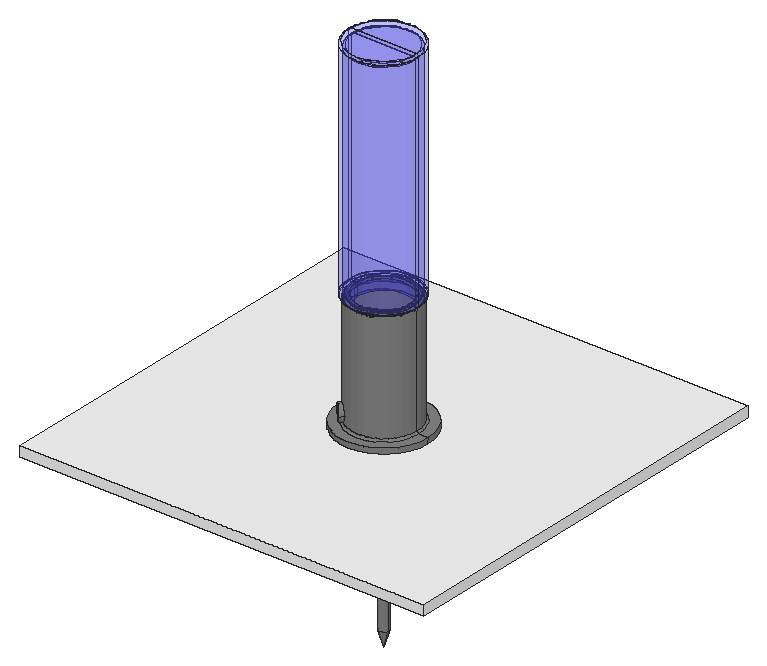
Revit family "BE_84919_de_DE", category Leuchten, Revit 2020
Family settings
  Basisbauteil = Fläche
  Bemaßung runder Anschluss = Durchmesser verwenden
  Teiletyp = Normal
  Beim Laden mit Abzugskörper schneiden = Ja
  Lichtquelle = Ja
  Gemeinsam genutzt = Nein
  Raumberechnungspunkt = Ja
Parameters (values of type "BEGA_84919_Grafit_K3")
  built-in parameter 1150104 = 14.424 (stored number, unit not read)
  Wattage = 1.9 W
  Default Elevation = 0 mm
  built-in parameter 1150113 = 1 (stored number, unit not read)
  built-in parameter 1114218 = 1 (stored number, unit not read)
  Umgebungstemperatur = "25 °C"
  URL = "https://www.bega.com/de/produkt/84919"
  Typenkommentare = "© 2022 BEGA. Wir behalten uns das Recht vor, technische Änderungen ohne vorherige Ankündigung vorzunehmen."  # constant formula
  built-in parameter 1150134 = (empty or 0)
  built-in parameter 1150109 = 1 (stored number, unit not read)
  Strom = "0,03 A"
  built-in parameter 1150110 = 1 (stored number, unit not read)
  Spannung = 239.996 V
  Sonderanfertigung = no
  Seriennummer [instance] = "Hier können Sie die eindeutige Seriennummer für das Facility Management eintragen."
  Schutzklasse = "I"
  Schutzart = "IP 65"
  Scheinlast = 0 VA
  Rutschhemmendes_Glas = ""
  Raster [instance] = no
  Produktdatenblatt = "https://cdn.bega.com/bega/products/84919K3/current/documents/data-sheets/de"
  Oberflächentemperatur = ""
  Neigungswinkel = 0.00°
  Modell = "84919K3"
  Material_18 = BEGA_Gummi_schwarz
  Material_17 = BEGA_Reflektor
  Material_15 = BEGA_Leuchtmedium_matt
  Material_11 = BEGA_Glas_opal
  Material_09 = BEGA_Glas_klar
  Material_06 = BEGA_Oberfläche_Edelstahl_gebürstet
  Material_03 = BEGA_Oberfläche_Weiss_matt
  Material_02 = BEGA_Oberfläche_Silber_matt
  Material_01 [instance] = BEGA_Oberfläche_Grafit_matt
  M_W = no
  M_G = yes
  M_A = no
  Logo = 0
  built-in parameter 1114217 = 1 (stored number, unit not read)
  built-in parameter 1150139 = (empty or 0)
  built-in parameter 1150105 = 23.475 (stored number, unit not read)
  built-in parameter 1150114 = 1 (stored number, unit not read)
  Lumens = 294.994 lm
  built-in parameter 1150115 = 1 (stored number, unit not read)
  Leuchtenlichtstrom = "236 lm"
  Leuchtenanzahl = ""
  Lebensdauerkriterien = "L70B50 @ 25 °C = 200000 h"
  Lastklassifizierung = Beleuchtung
  built-in parameter 1150112 = 1 (stored number, unit not read)
  Lampenlichtstrom = "295 lm"
  Lampe = "LED 1.9 W"
  LED_Modulbezeichnung = "LED-0684/830"
  built-in parameter 1150142 = (empty or 0)
  Hersteller = "BEGA"  # constant formula
  Halbstreuwinkel = ""
  Gewicht = "1.25 kg"
  Frequenz = "50/60 Hz"
  Farbwiedergabeindex = "CRI > 80"
  Farbtemperaturverschiebung bei Dämpfen der Lampe = <Keine Auswahl>
  Farbtemperatur = "3000 K"
  Color Filter = 16777215
  built-in parameter 1150133 = 10 (stored number, unit not read)
  Energieeffizienzklasse = "LED A++ - A"
  Einstecktiefe = ""
  built-in parameter 1150137 = (empty or 0)
  built-in parameter 1150132 = (empty or 0)
  Einbautiefe = ""
  Einbaugehäuse = no
  Einbau_in_Wärmedämmung = ""
  ENEC = ""
  Dimmbar [instance] = "on/off"
  Datei für fotometrisches Netz = "BE_84919K3.IES"
  CE_Konformität = "ja"
  Bestellnummer_Raster [instance] = ""
  Bestellnummer_Einbaugehäuse = ""
  Bestellnummer = "84919K3"
  Beschreibung_Sonderanfertigung = "Hier können Sie Informationen zur Sonderanfertigung eintragen."
  Beschreibung = "Gartenleuchte BEGA UniLink"
  built-in parameter 1150106 = 0.23475 (stored number, unit not read)
  Belastbarkeit [instance] = ""
  BEGA_Intern_aus = yes
  BEGA_Intern_an = yes
  BEGA_Intern_Konstruktion = yes
  BEGA_Intern = yes
  BEGA_IES = yes
  BEGA_Dummy = no
  Anschlussleitung = "5.0 m X05RN-F FEP 2 × 1² + 1G2,5²"
  Anschlussleistung [instance] = "2.6 W"
  Anschlusskasten = ""
  built-in parameter 1150107 = 3000 (stored number, unit not read)
  built-in parameter 1150102 = (empty or 0)
  built-in parameter 1150138 = (empty or 0)
  Aktualisierung = "2022-05-19T04:00:07"
  Abstand_zur_angestrahlten_Fläche [instance] = ""
  AC/DC = "AC"
Reference planes
  plane 1 "Mitte (Vorne/Hinten)": y = 0
  plane 2: z = 0
  plane 3 "Mitte (Links/Rechts)": x = 0
  plane 4 "Links": x = -44
  plane 5 "Rechts": x = 44
  plane 6 "Unten": y = -44
  plane 7 "Oben": y = 44
  plane 8 "Vorne": z = 341
  plane 9 "Hinten": z = 0
Forms (mm)
  Extrusion 1, solid, material "BEGA_Platte_Weiss"
    sketch origin (0, -1119.2, 0) x (1, 0, 0) y (0, 1, 0)
      loop
        line (-200, 1319.2) -> (-200, 919.2) -> (200, 919.2) -> (200, 1319.2) -> (-200, 1319.2)
    from 0 to -10
  Extrusion 2, solid, material "BEGA_Dummy_matt", visible <- "BEGA_Dummy"
    sketch origin (77.149, -76.023, -9) x (1, 0, 0) y (0, 1, 0)
      loop
        circle (-77.149, 76.023) r 44
    from 9 to 350
Dimensions and locks
  plane 1 "Mitte (Vorne/Hinten)" to Extrusion 1 = 200 mm
  aligned and locked: Extrusion 1 to plane 2
  aligned and locked: level to Extrusion 1
Nested families
  nested 1: "BE_84919" at (0, 0, 0), type "BE_84919"
Connectors
  electrical at (0, 0, 0), driven by "Lastklassifizierung", driven by "Spannung", driven by "Scheinlast"
    settings: index 1, voltage 239.996 V, apparent load 0 VA, apparent load phase1 0 VA, apparent load phase2 0 VA, apparent load phase3 0 VA, power factor 1, load classification "Beleuchtung", number of poles 1, system type 31, power factor state 1, is connector primary yes, connector utility no, sub classification motor no, connector description ""
Definition of nested family "BE_84919"
  Parameters (values of type "BE_84919")
    Default Elevation = 1 mm
    URL = "http://www.bega.de/de/produkt"
    Type Comments = "© 2015 BEGA. Wir behalten uns das Recht vor, technische Änderungen ohne vorherige Ankündigung vorzunehmen. "  # constant formula
    Type Image = (empty or 0)
    Neigungswinkel_um_Z2 = 0.00°
    Neigungswinkel_um_Z1 = 0.00°
    Neigungswinkel_um_Y2 = 0.00°
    Neigungswinkel_um_Y1 = 0.00°
    Neigungswinkel_um_X2 = 0.00°
    Neigungswinkel_um_X1 = 0.00°
    Material_18 = none
    Material_17 = none
    Material_15 = none
    Material_11 = none
    Material_09 = none
    Material_06 = none
    Material_01 = none
    M_W = yes
    M_G = yes
    M_A = yes
    Länge_Platte = 200 mm  # constant formula
    Höhe_Platte = -10 mm  # constant formula
    Manufacturer = "BEGA"  # constant formula
    Drehwinkel_um_Z2 = 0.00°
    Drehwinkel_um_Z1 = 0.00°
    Breite_Platte = 200 mm  # constant formula
  Reference planes
    plane 1 "Mitte (Oben/Unten)": y = 0
    plane 2: z = 0
    plane 3 "Mitte (Links/Rechts)": x = 0
  Forms (mm)
    Extrusion 1, solid, detail levels medium
      sketch origin (0, 0, 0) x (1, 0, 0) y (0, 1, 0)
        loop
          line (-100, 100) -> (-100, -100) -> (100, -100) -> (100, 100) -> (-100, 100)
      from 0 to -10 <- "Höhe_Platte"
    Revolve 2, solid, material <- "Material_01"
      sketch origin (0, 0, 0) x (1, 0, 0) y (0, 0, 1)
        loop
          line (-32.753, 114.999) -> (-32.761, 7.242)
          arc (-32.761, 7.242) -> (-33.328, 5.847) -> (-34.708, 5.243) r 2
          line (-34.708, 5.243) -> (-44.011, 5) -> (-44.011, 0) -> (-32.034, -0.001)
          arc (-32.034, -0.001) -> (-30.29, 0.708) -> (-29.535, 2.434) r 2.5
          line (-29.535, 2.434) -> (-28.81, 30.038)
          arc (-28.81, 30.038) -> (-28.211, 31.427) -> (-26.811, 31.999) r 2
          line (-26.811, 31.999) -> (-8.837, 31.997)
          arc (-8.837, 31.997) -> (-7.434, 31.423) -> (-6.838, 30.029) r 2
          line (-6.838, 30.029) -> (-5.024, -179.523) -> (0, -195.461) -> (0, 34.997) -> (-28.612, 34.999) -> (-29.965, 112.799) -> (-31.934, 114.701) -> (-32.753, 114.999)
        axis (0, 114.999) -> (0, -195.461)
      angle from 0 to 360
    Revolve 3, solid, material <- "Material_18"
      sketch origin (0, 0, 0) x (1, 0, 0) y (0, 0, 1)
        loop
          arc (-29.703, 115.949) -> (-30.905, 115.451) -> (-31.403, 114.249) r 1.7
          arc (-31.403, 114.249) -> (-30.905, 113.047) -> (-29.703, 112.549) r 1.7
          arc (-29.703, 112.549) -> (-28.003, 114.249) -> (-29.703, 115.949) r 1.7
        axis (0, 115.949) -> (0, 112.549)
      angle from 0 to 360
    Extrusion 4, solid, material <- "Material_01"
      sketch origin (0, 0, 0) x (1, 0, 0) y (0, 0, 1)
        loop
          line (-24.307, -2.5) -> (-5.658, -34.8) -> (5.658, -34.8) -> (24.307, -2.5)
          arc (24.307, -2.5) -> (26.037, -0.729) -> (28.405, -0.005) r 5
          line (28.405, -0.005) -> (32.012, -0.005)
          arc (32.012, -0.005) -> (30.269, 0.703) -> (29.513, 2.426) r 2.5
          line (29.513, 2.426) -> (28.792, 30.047)
          arc (28.792, 30.047) -> (28.188, 31.427) -> (26.793, 31.995) r 2
          line (26.793, 31.995) -> (14.603, 31.996) -> (-26.811, 31.999)
          arc (-26.811, 31.999) -> (-28.211, 31.427) -> (-28.81, 30.038) r 2
          line (-28.81, 30.038) -> (-29.535, 2.434)
          arc (-29.535, 2.434) -> (-30.29, 0.708) -> (-32.034, -0.001) r 2.5
          line (-32.034, -0.001) -> (-28.405, -0.005)
          arc (-28.405, -0.005) -> (-26.037, -0.729) -> (-24.307, -2.5) r 5
      from -1.5 to 1.5
    Extrusion 5, solid, material <- "Material_01"
      sketch origin (-0.011, -0.011, 0) x (0.000089, -1, 0) y (0, 0, 1)
        loop
          line (-24.307, -2.5) -> (-5.658, -34.8) -> (5.658, -34.8) -> (24.307, -2.5)
          arc (24.307, -2.5) -> (26.037, -0.729) -> (28.405, -0.005) r 5
          line (28.405, -0.005) -> (32.012, -0.005)
          arc (32.012, -0.005) -> (30.269, 0.703) -> (29.513, 2.426) r 2.5
          line (29.513, 2.426) -> (28.792, 30.047)
          arc (28.792, 30.047) -> (28.188, 31.427) -> (26.793, 31.995) r 2
          line (26.793, 31.995) -> (14.603, 31.996) -> (-26.811, 31.999)
          arc (-26.811, 31.999) -> (-28.211, 31.427) -> (-28.81, 30.038) r 2
          line (-28.81, 30.038) -> (-29.535, 2.434)
          arc (-29.535, 2.434) -> (-30.29, 0.708) -> (-32.034, -0.001) r 2.5
          line (-32.034, -0.001) -> (-28.405, -0.005)
          arc (-28.405, -0.005) -> (-26.037, -0.729) -> (-24.307, -2.5) r 5
      from -1.5 to 1.5
    Extrusion 6, solid, material <- "Material_01"
      sketch origin (0, 0, 0) x (0.707107, -0.707107, 0) y (0, 0, 1)
        loop
          circle (0, 14.956) r 8.029
        loop
          circle (0, 14.956) r 5.5
      from 30.225 to 35.5
    Extrusion 7, void
      sketch origin (0, 0, 0) x (0.707107, -0.707107, 0) y (0, 0, 1)
        loop
          circle (0, 14.956) r 5.5
      from 25.249 to 38.861
    Revolve 8, solid, material <- "Material_11"
      sketch origin (0, 0, 0) x (1, 0, 0) y (0, 0, 1)
        loop
          arc (-33, 340.99) -> (-34.41, 340.408) -> (-35, 339) r 2
          line (-35, 339) -> (-35, 117.485)
          arc (-35, 117.485) -> (-34.746, 116.819) -> (-34.112, 116.492) r 1
          line (-34.112, 116.492) -> (-29.558, 115.99)
          arc (-29.558, 115.99) -> (-28.711, 115.639) -> (-28.361, 114.792) r 1.198
          line (-28.361, 114.792) -> (-28.361, 105.344) -> (-25.355, 105.344) -> (-25.355, 115.954)
          arc (-25.355, 115.954) -> (-25.733, 116.943) -> (-26.675, 117.427) r 1.482
          line (-26.675, 117.427) -> (-30.281, 117.825)
          arc (-30.281, 117.825) -> (-31.507, 118.456) -> (-32, 119.744) r 1.931
          line (-32, 119.744) -> (-32, 335.746)
          arc (-32, 335.746) -> (-31.343, 337.332) -> (-29.756, 337.99) r 2.244
          line (-29.756, 337.99) -> (0, 337.99) -> (0, 340.99) -> (-33, 340.99)
        axis (0, 340.99) -> (0, 105.344)
      angle from 0 to 360
  Cuts and joins
    Extrusion 7 cuts Revolve 2
    Extrusion 7 cuts Extrusion 4
    Extrusion 7 cuts Extrusion 5
    Extrusion 7 cuts Extrusion 6
  Dimensions and locks
    equal spacing: Extrusion 1 sketch curve, plane 3 "Mitte (Links/Rechts)", Extrusion 1 sketch curve
    equal spacing: Extrusion 1 sketch curve, plane 1 "Mitte (Oben/Unten)", Extrusion 1 sketch curve
    "Länge_Platte": Extrusion 1 sketch curve to Extrusion 1 sketch curve
    "Breite_Platte": Extrusion 1 sketch curve to Extrusion 1 sketch curve
    aligned and locked: Extrusion 1 to plane 2
    aligned and locked: level to Extrusion 1
  Automatic sketch dimensions
    Revolve 2 sketch curve to level = 0 mm
    Revolve 2 sketch curve to plane 3 "Mitte (Links/Rechts)" = 0 mm
    Revolve 2 sketch curve to plane 3 "Mitte (Links/Rechts)" = 5.024 mm
    Revolve 2 sketch curve to plane 3 "Mitte (Links/Rechts)" = 6.838 mm
    Revolve 2 sketch curve to Revolve 2 sketch curve = 2 mm  (x4)
    Revolve 2 sketch curve to Revolve 2 sketch curve = 17.973 mm
    Revolve 2 sketch curve to Revolve 2 sketch curve = 0 mm  (x6)
    Revolve 2 sketch curve to Revolve 2 sketch curve = 1.802 mm
    Revolve 2 sketch curve to plane 3 "Mitte (Links/Rechts)" = 29.965 mm
    level to Revolve 2 sketch curve = 2.499 mm
    Revolve 2 sketch curve to Revolve 2 sketch curve = 3.224 mm
    Revolve 2 sketch curve to level = 0.001 mm
    level to Revolve 2 sketch curve = 7.242 mm
    Revolve 2 sketch curve to Revolve 2 sketch curve = 0.726 mm
    level to Revolve 2 sketch curve = 5 mm
    Revolve 2 sketch curve to Revolve 2 sketch curve = 9.25 mm
    Revolve 2 sketch curve to level = 179.523 mm
    Revolve 2 sketch curve to Revolve 2 sketch curve = 15.937 mm
    level to Revolve 2 sketch curve = 29.997 mm
    Revolve 2 sketch curve to Revolve 2 sketch curve = 0.001 mm
    Revolve 2 sketch curve to Revolve 2 sketch curve = 0.031 mm
    Revolve 2 sketch curve to Revolve 2 sketch curve = 0.039 mm
    Revolve 2 sketch curve to Revolve 2 sketch curve = 4.968 mm
    Revolve 2 sketch curve to Revolve 2 sketch curve = 3 mm
    Revolve 2 sketch curve to Revolve 2 sketch curve = 77.8 mm
    level to Revolve 2 sketch curve = 2.434 mm
    Revolve 2 sketch curve to Revolve 2 sketch curve = 2.499 mm
    Revolve 2 sketch curve to Revolve 2 sketch curve = 0.819 mm
    Revolve 2 sketch curve to Revolve 2 sketch curve = 0.052 mm
    level to Revolve 2 sketch curve = 5.243 mm
    Revolve 2 sketch curve to Revolve 2 sketch curve = 1.902 mm
    Revolve 2 sketch curve to Revolve 2 sketch curve = 0.298 mm
    Revolve 2 sketch curve to Revolve 2 sketch curve = 2.788 mm
    Revolve 3 sketch curve to Revolve 3 sketch curve = 0 mm  (x11)
    Revolve 3 sketch curve to plane 3 "Mitte (Links/Rechts)" = 29.703 mm
    level to Revolve 3 sketch curve = 114.249 mm
    Revolve 3 sketch curve to Revolve 3 sketch curve = 1.7 mm  (x2)
    level to Extrusion 4 sketch curve = 2.499 mm
    Extrusion 4 sketch curve to plane 3 "Mitte (Links/Rechts)" = 32.034 mm
    Extrusion 4 sketch curve to Extrusion 4 sketch curve = 3.224 mm
    Extrusion 4 sketch curve to Extrusion 4 sketch curve = 3.397 mm
    Extrusion 4 sketch curve to level = 0.005 mm  (x2)
    Extrusion 4 sketch curve to Extrusion 4 sketch curve = 3.629 mm
    Extrusion 4 sketch curve to Extrusion 4 sketch curve = 2 mm
    Extrusion 4 sketch curve to plane 3 "Mitte (Links/Rechts)" = 5.658 mm
    plane 3 "Mitte (Links/Rechts)" to Extrusion 4 sketch curve = 5.658 mm
    plane 3 "Mitte (Links/Rechts)" to Extrusion 4 sketch curve = 28.405 mm
    Extrusion 4 sketch curve to Extrusion 4 sketch curve = 0.232 mm
    level to Extrusion 4 sketch curve = 2.426 mm
    Extrusion 4 sketch curve to Extrusion 4 sketch curve = 1.108 mm
    level to Extrusion 4 sketch curve = 2.495 mm
    Extrusion 4 sketch curve to Extrusion 4 sketch curve = 4.995 mm  (x2)
    Extrusion 4 sketch curve to level = 34.8 mm
    Extrusion 4 sketch curve to Extrusion 4 sketch curve = 27.5 mm
    Extrusion 4 sketch curve to Extrusion 4 sketch curve = 0.039 mm
    Extrusion 4 sketch curve to level = 0.001 mm
    Extrusion 4 sketch curve to Extrusion 4 sketch curve = 0 mm  (x5)
    Extrusion 4 sketch curve to Extrusion 4 sketch curve = 0.022 mm
    level to Extrusion 4 sketch curve = 2.434 mm  (x2)
    Extrusion 4 sketch curve to level = 2.5 mm  (x3)
    Extrusion 4 sketch curve to Extrusion 4 sketch curve = 4.098 mm
    plane 3 "Mitte (Links/Rechts)" to Extrusion 4 sketch curve = 14.603 mm  (x2)
    Extrusion 4 sketch curve to Extrusion 4 sketch curve = 14.19 mm
    Extrusion 4 sketch curve to Extrusion 4 sketch curve = 1.952 mm
    Extrusion 4 sketch curve to Extrusion 4 sketch curve = 1.999 mm
    Extrusion 4 sketch curve to Extrusion 4 sketch curve = 12.19 mm
    Extrusion 4 sketch curve to Extrusion 4 sketch curve = 0.052 mm
    Extrusion 4 sketch curve to Extrusion 4 sketch curve = 0.004 mm
    Extrusion 4 sketch curve to Extrusion 4 sketch curve = 0.003 mm
    level to Extrusion 5 sketch curve = 2.499 mm
    level to Extrusion 5 sketch curve = 30.038 mm
    Extrusion 5 sketch curve to Extrusion 5 sketch curve = 3.224 mm
    Extrusion 5 sketch curve to Extrusion 5 sketch curve = 3.397 mm
    Extrusion 5 sketch curve to level = 0.005 mm  (x2)
    Extrusion 5 sketch curve to Extrusion 5 sketch curve = 3.629 mm
    Extrusion 5 sketch curve to Extrusion 5 sketch curve = 2 mm  (x2)
    Extrusion 5 sketch curve to level = 34.8 mm
    Extrusion 5 sketch curve to Extrusion 5 sketch curve = 22.979 mm
    Extrusion 5 sketch curve to Extrusion 5 sketch curve = 11.316 mm
    Extrusion 5 sketch curve to Extrusion 5 sketch curve = 53.603 mm
    level to Extrusion 5 sketch curve = 31.995 mm
    Extrusion 5 sketch curve to Extrusion 5 sketch curve = 0 mm  (x7)
    Extrusion 5 sketch curve to Extrusion 5 sketch curve = 1.612 mm
    Extrusion 5 sketch curve to Extrusion 5 sketch curve = 0.232 mm
    level to Extrusion 5 sketch curve = 2.426 mm
    Extrusion 5 sketch curve to Extrusion 5 sketch curve = 1.108 mm
    Extrusion 5 sketch curve to Extrusion 5 sketch curve = 2.499 mm
    Extrusion 5 sketch curve to Extrusion 5 sketch curve = 4.995 mm  (x2)
    Extrusion 5 sketch curve to Extrusion 5 sketch curve = 0.039 mm
    Extrusion 5 sketch curve to level = 0.001 mm
    Extrusion 5 sketch curve to Extrusion 5 sketch curve = 0.022 mm
    level to Extrusion 5 sketch curve = 2.434 mm  (x2)
    Extrusion 5 sketch curve to level = 2.5 mm  (x3)
    Extrusion 5 sketch curve to Extrusion 5 sketch curve = 12.19 mm
    level to Extrusion 5 sketch curve = 31.996 mm
    Extrusion 5 sketch curve to Extrusion 5 sketch curve = 4.098 mm
    Extrusion 5 sketch curve to Extrusion 5 sketch curve = 1.999 mm
    level to Extrusion 5 sketch curve = 30.047 mm
    Extrusion 6 sketch curve to Extrusion 6 sketch curve = 0 mm  (x2)
    level to Extrusion 6 sketch curve = 14.956 mm
    Extrusion 7 sketch curve to Extrusion 7 sketch curve = 0 mm  (x2)
    level to Extrusion 7 sketch curve = 14.956 mm
    Extrusion 7 sketch curve to Extrusion 7 sketch curve = 5.5 mm
    Revolve 8 sketch curve to plane 3 "Mitte (Links/Rechts)" = 0 mm  (x2)
    Revolve 8 sketch curve to plane 3 "Mitte (Links/Rechts)" = 25.355 mm
    Revolve 8 sketch curve to Revolve 8 sketch curve = 1.319 mm
    Revolve 8 sketch curve to Revolve 8 sketch curve = 1.482 mm
    Revolve 8 sketch curve to Revolve 8 sketch curve = 3.005 mm
    Revolve 8 sketch curve to Revolve 8 sketch curve = 1.198 mm
    Revolve 8 sketch curve to plane 3 "Mitte (Links/Rechts)" = 29.756 mm
    Revolve 8 sketch curve to Revolve 8 sketch curve = 0.511 mm
    Revolve 8 sketch curve to Revolve 8 sketch curve = 0.212 mm
    Revolve 8 sketch curve to Revolve 8 sketch curve = 2.244 mm
    Revolve 8 sketch curve to Revolve 8 sketch curve = 1 mm
    Revolve 8 sketch curve to Revolve 8 sketch curve = 2 mm  (x2)
    Revolve 8 sketch curve to Revolve 8 sketch curve = 0.112 mm
    level to Revolve 8 sketch curve = 105.344 mm
    Revolve 8 sketch curve to Revolve 8 sketch curve = 9.448 mm
    Revolve 8 sketch curve to Revolve 8 sketch curve = 1.163 mm
    Revolve 8 sketch curve to Revolve 8 sketch curve = 0.502 mm
    Revolve 8 sketch curve to Revolve 8 sketch curve = 0.994 mm
    Revolve 8 sketch curve to Revolve 8 sketch curve = 1.835 mm
    Revolve 8 sketch curve to Revolve 8 sketch curve = 216.002 mm
    Revolve 8 sketch curve to Revolve 8 sketch curve = 3.244 mm
    Revolve 8 sketch curve to Revolve 8 sketch curve = 0.011 mm
    Revolve 8 sketch curve to Revolve 8 sketch curve = 3 mm
    Revolve 8 sketch curve to Revolve 8 sketch curve = 0 mm  (x4)
    Revolve 8 sketch curve to level = 195.574 mm
    Revolve 8 sketch curve to Revolve 8 sketch curve = 77.586 mm
    radius of Extrusion 6 sketch curve = 8.029 mm
    radius of Extrusion 6 sketch curve = 5.5 mm
